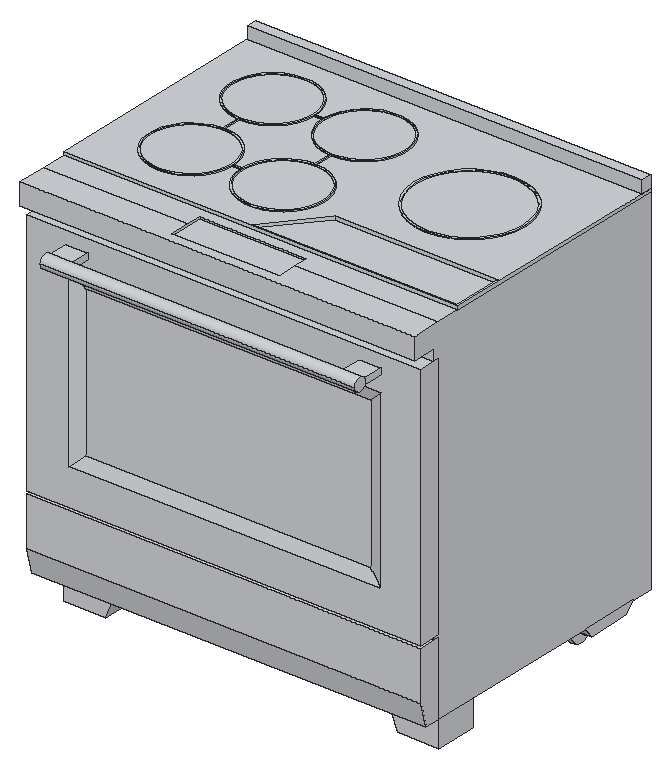
Revit family "IR365TM", category Generic Models, Revit 2020
Family settings
  Can host rebar = No
  Round Connector Dimension = Use Diameter
  Part Type = Normal
  Work Plane-Based = No
  Always vertical = Yes
  Cut with Voids When Loaded = No
  Shared = No
  Room Calculation Point = No
Parameters
  Default Elevation = 0' - 0"
Reference planes (in)
  plane 1 "Center (Front/Back)": y = 0
  plane 2: z = 0
  plane 3 "Center (Left/Right)": x = 0
Forms (in)
  Extrusion 1, solid
    sketch origin (0, 0, 0) x (0, 1, 0) y (0, 0, 1)
      loop
        line (26.14173, 36.9685) -> (25.15748, 36.9685) -> (25.15748, 35.59055) -> (1.9685, 35.59055) -> (-0.70866, 35.59055) -> (-0.70866, 33.62205) -> (1.53543, 33.62205) -> (1.53543, 3.14961) -> (26.14173, 3.14961) -> (26.14173, 36.9685)
    from 0 to 35.86614
  Extrusion 2, solid
    sketch origin (0, 0, 0) x (0, 1, 0) y (0, 0, 1)
      loop
        line (1.9685, 9.84252) -> (0, 9.84252) -> (0, 5.35357) -> (0.59055, 3.14961) -> (1.9685, 3.14961) -> (1.9685, 9.84252)
    from 0 to 35.86614
  Extrusion 3, solid
    sketch origin (0, 0, 0) x (0, 1, 0) y (0, 0, 1)
      loop
        line (0, 32.55906) -> (0, 10.05905) -> (1.9685, 10.05905) -> (1.9685, 32.55906) -> (0, 32.55906)
    from 0 to 35.86614
  Extrusion 4, solid
    sketch origin (0, 0, 0) x (1, 0, 0) y (0, 0, 1)
      loop
        line (0.84646, 3.14961) -> (0.84646, 0) -> (4.66535, 0) -> (5.90551, 3.14961) -> (0.84646, 3.14961)
    from -7.02923 to -3.18791
  Extrusion 5, solid
    sketch origin (5.98425, 0, 0) x (1, 0, 0) y (0, 0, 1)
      loop
        line (23.97638, 3.14961) -> (25.21654, 0) -> (29.03543, 0) -> (29.03543, 3.14961) -> (23.97638, 3.14961)
    from -7.02923 to -3.18791
  Extrusion 6, solid
    sketch origin (0, 0, 0) x (0, 1, 0) y (0, 0, 1)
      loop
        line (24.17323, 3.14961) -> (18.66142, 3.14961) -> (19.45248, 2.27893) -> (23.38927, 2.27893) -> (24.17323, 3.14961)
    from 0 to 4.72441
  Extrusion 7, solid
    sketch origin (0, 0, 0) x (0, 1, 0) y (0, 0, 1)
      loop
        line (22.5954, 2.27893) -> (20.23924, 2.27893) -> (21.02362, 1.10236) -> (21.81102, 1.10236) -> (22.5954, 2.27893)
    from 1.5748 to 3.93701
  Extrusion 8, solid
    sketch origin (0, 0, 0) x (0, 1, 0) y (0, 0, 1)
      loop
        circle (21.41732, 1.10236) r 1.1236
    from 2.55906 to 2.95276
  Extrusion 9, solid
    sketch origin (31.14173, 0, 0) x (0, 1, 0) y (0, 0, 1)
      loop
        line (24.17323, 3.14961) -> (18.66142, 3.14961) -> (19.45248, 2.27893) -> (23.38927, 2.27893) -> (24.17323, 3.14961)
    from 0 to 4.72441
  Extrusion 10, solid
    sketch origin (30.35498, 0, 0) x (0, 1, 0) y (0, 0, 1)
      loop
        line (22.5954, 2.27893) -> (20.23924, 2.27893) -> (21.02362, 1.10236) -> (21.81102, 1.10236) -> (22.5954, 2.27893)
    from 1.5748 to 3.93701
  Extrusion 11, solid
    sketch origin (30.35498, 0, 0) x (0, 1, 0) y (0, 0, 1)
      loop
        circle (21.41732, 1.10236) r 1.1236
    from 2.55906 to 2.95276
  Blend 12, solid, not visible
    base sketch origin (0, 0, 0) x (1, 0, 0) y (0, 0, 1)
      loop
        circle (3.62205, 31.31299) r 1.45314
    top sketch origin (0, 0, 0) x (1, 0, 0) y (0, 0, 1)
      loop
        circle (3.62205, 31.31299) r 1.33532
    from 0 to 0.7874
  Extrusion 13, solid, not visible
    sketch origin (0, 0, 0) x (1, 0, 0) y (0, 0, 1)
      loop
        circle (3.62205, 31.31299) r 1.21601
    from 0 to 1.37795
  Extrusion 14, solid, not visible
    sketch origin (0, 0, 0) x (1, 0, 0) y (0, 0, 1)
      loop
        line (3.0315, 32.37598) -> (3.0315, 30.29013) -> (4.2126, 30.29013) -> (4.2126, 32.37598) -> (3.0315, 32.37598)
    from 0 to 2.15573
  Blend 15, void
    base sketch origin (0, 0, 0) x (1, 0, 0) y (0, 0, 1)
      loop
        line (5.09843, 28.20866) -> (5.09843, 14.58661) -> (31.06299, 14.58661) -> (31.06299, 28.20866) -> (5.09843, 28.20866)
    top sketch origin (0, 0, 0) x (1, 0, 0) y (0, 0, 1)
      loop
        line (32.24409, 29.38976) -> (3.85827, 29.38976) -> (3.85827, 13.40551) -> (32.24409, 13.40551) -> (32.24409, 29.38976)
    from -0.3937 to 0
  Extrusion 16, void
    sketch origin (0, 0, 0) x (1, 0, 0) y (0, 1, 0)
      loop
        line (13.09646, 3.34646) -> (13.09646, 0.19685) -> (22.85969, 0.19685) -> (22.85969, 3.34646) -> (13.09646, 3.34646)
    from 35.37101 to 39.66687
  Extrusion 17, solid
    sketch origin (0, 0, 0) x (0, 1, 0) y (0, 0, 1)
      loop
        line (0, 31.43701) -> (-2.3622, 31.43701) -> (-2.3622, 30.84646) -> (0, 30.84646) -> (0, 31.43701)
    from 3.62205 to 5.59055
  Extrusion 18, solid
    sketch origin (0, 0, 0) x (0, 1, 0) y (0, 0, 1)
      loop
        circle (-2.3622, 31.14173) r 0.59055
    from 3.62205 to 32.24409
  Extrusion 19, solid
    sketch origin (20.15748, 0, 0) x (0, 1, 0) y (0, 0, 1)
      loop
        line (0, 31.43701) -> (-2.3622, 31.43701) -> (-2.3622, 30.84646) -> (0, 30.84646) -> (0, 31.43701)
    from 10.13964 to 12.04823
  Extrusion 20, solid
    sketch origin (0, 0, 0) x (1, 0, 0) y (0, 1, 0)
      loop
        circle (6.84038, 19.45627) r 3.6675
      loop
        line (11.41791, 19.3899) -> (10.61898, 19.38992)
        arc (10.61898, 19.38992) -> (9.47861, 16.75036) -> (6.81102, 15.67721) r 3.77918
        line (6.81102, 15.67721) -> (6.81102, 13.94401)
        arc (6.81102, 13.94401) -> (9.48389, 12.86569) -> (10.61921, 10.21654) r 3.77918
        line (10.61921, 10.21654) -> (11.41767, 10.21654)
        arc (11.41767, 10.21654) -> (12.49053, 12.8031) -> (15.04904, 13.94124) r 3.77918
        line (15.04904, 13.94124) -> (15.04904, 15.67997)
        arc (15.04904, 15.67997) -> (12.49569, 16.81282) -> (11.41791, 19.3899) r 3.77918
      loop
        circle (15.19651, 19.45627) r 3.6675
      loop
        arc (10.61921, 19.50787) -> (4.20222, 22.16225) -> (6.69291, 15.67997) r 3.77918
        line (6.69291, 15.67997) -> (6.69291, 13.94124)
        arc (6.69291, 13.94124) -> (4.19688, 7.46417) -> (10.61898, 10.09843) r 3.77918
        line (10.61898, 10.09843) -> (11.41791, 10.09843)
        arc (11.41791, 10.09843) -> (17.90247, 7.52676) -> (15.16715, 13.94401) r 3.77918
        line (15.16715, 13.94401) -> (15.16715, 15.67721)
        arc (15.16715, 15.67721) -> (17.89726, 22.09978) -> (11.41767, 19.50787) r 3.77918
        line (11.41767, 19.50787) -> (10.61921, 19.50787)
      loop
        circle (6.84038, 10.16494) r 3.6675
      loop
        circle (15.19651, 10.16494) r 3.6675
      loop
        circle (27.29657, 16.28995) r 5.05711
      loop
        circle (27.29657, 16.28995) r 4.90199
    from 35.11811 to 35.90945
  Extrusion 21, solid
    sketch origin (0, 0, 0) x (1, 0, 0) y (0, 1, 0)
      loop
        line (0, 26.14173) -> (0, 4.25197) -> (35.86614, 4.25197) -> (35.86614, 26.14173) -> (0, 26.14173)
      loop
        line (35.69421, 8.97638) -> (20.90551, 8.97638) -> (17.0355, 4.33236) -> (35.69421, 4.33236) -> (35.69421, 8.97638)
    from 35.59055 to 35.87008
Cuts and joins
  Blend 15, Extrusion 16 cuts Extrusion 3
  Extrusion 16 cuts Extrusion 1
  Extrusion 16 cuts Extrusion 2
Dimensions and locks (in)
  aligned and locked: plane 2 to level
